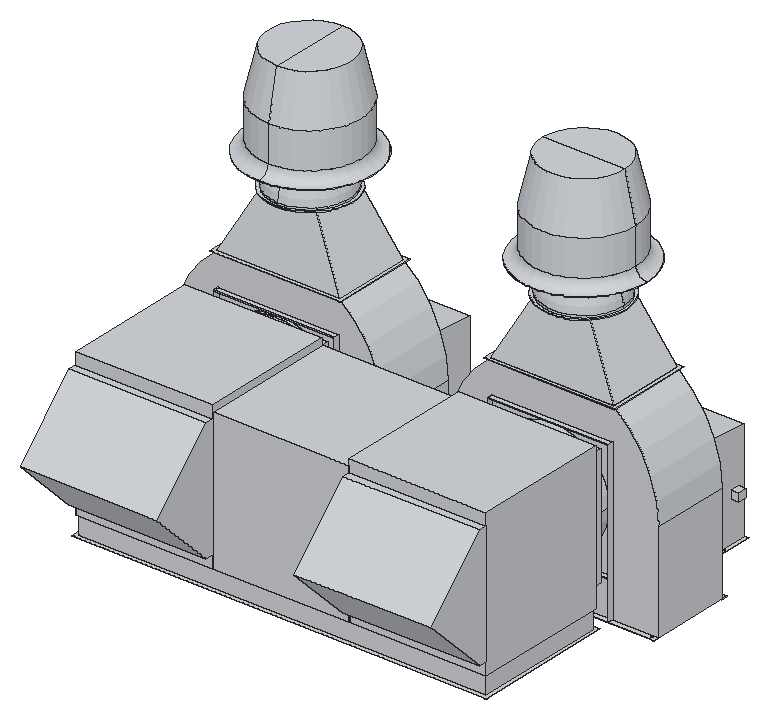
Revit family "Dual_CAVP_with_Mixing_Box", category Mechanical Equipment, Revit 2019 (continued)
Types (228): name | TRANSITION/2 | TRANSITION | RO2/2 | RO/2 | N_B_R+1.5" | MB_P+MB_P+.5 | E/52*30 | E/2-H/2 | E-N-N-H | E-(NOZZLE_RAD/3*2) | DUAL_Q-4.5" | DUAL_Q+.25" | DUAL_Q | R-((B/2)+1.5") | R+((B/2)+1.5") | R*1.1 | R | MB_P-4.5" | MB_P+.25" | P | NOZZLE_WB_RAD-2" | NOZZLE_WB_RAD | NOZZLE_WB_OD | NOZZLE_WB/4 | NOZZLE_TOP_RAD | NOZZLE_TOP_OD | NOZZLE_SIZE | NOZZLE_HEIGHT/7*2 | NOZZLE_HEIGHT | NOZZLE_BOTTOM_RAD-3*2 | NOZZLE_BOTTOM_RAD | NOZZLE_BOTTOM_ID | MB_N-(D-J-K-L) | N+(H/2) | N | MB_Q | MB_P | MB_N | MB_HEIGHT/2 | MB_HEIGHT | MB_F | MB_A | M-(2*(D-L-K-J)) | M | L | K | J+K+L | J | HEIGHT | H/2 | H | F/2 | MB_F-3" | F | E/52*15 | E/2 | E | D-M | D-L-K-J | D | CLASS | C/2 | C | B/4 | B/2 | B | A/2 | A | Type Comments | -MB_P-.25 | -MB_P | -MB_HEIGHT | -(F-((F-H)/2))/2 | -((MB_Q / 2) + 1/8") | (NOZZLE_WB_OD - NOZZLE_TOP_OD) / 4 | (NOZZLE_HEIGHT - (NOZZLE_HEIGHT / 8 * 2)) / 2 | (MB_Q/2)+.125" | (MB_P/2-.125")-((F / 2) - 2") | (MB_P/2-.125")+((F / 2) - 2") | (MB_P/2)+.125" | (M - (2 * (D - L - K - J)))/2 | (F-((F-H)/2))/2 | (E/2)-(E/52*15) | (E/2)-((MB_P/2)+.125") | (E/2)-((B/2)+1.5") | (D-J-K-L)*2 | (B/2)-.125" | (B/2)+1.5" | ((M - (2 * (D - L - K - J))) / 2) + (TRANSITION / 2)
  Dual_150_CAVP-12H_CLASS_2_With_Mixing_Box | 6.0325" | 12.06501" | 42 15/16" | 12 3/4" | 10 1/32" | 60 1/2" | 18.96635" | 6 11/16" | -53 5/16" | 10 3/4" | 85 7/8" | 90 5/8" | 90 3/8" | 10 15/16" | 33 1/16" | 24.2" | 22" | 25 1/2" | 30 1/4" | 60" | 12" | 14" | 28" | 5.6" | 9 3/4" | 19 1/2" | 12" | 8" | 32" | 2 17/32" | 8 17/32" | 17 1/16" | 13 5/32" | 69 3/4" | 60" | 30" | 30" | 14 3/16" | 17 1/2" | 35" | 7 5/8" | 97 1/16" | 11 5/8" | 13 11/16" | 15 21/32" | 15 3/8" | 37 9/32" | 6 1/4" | 36.35651" | 9 3/4" | 19 1/2" | 10 3/4" | 4 5/8" | 21 1/2" | 9.48317" | 16 7/16" | 32 7/8" | 24 5/8" | 1 1/32" | 38 5/16" | 2" | 23 3/8" | 46 3/4" | 4 25/32" | 9 9/16" | 19 1/8" | 39" | 78" | "Dual Vari-Plume Laboratory Exhaust Centrifugal Airfoil Class 2 Arr 10 With Mixing Box" | -30 1/4" | -30" | -35" | -8 3/4" | -15 1/8" | 2 1/8" | 12" | 15 1/8" | -6 1/8" | -23 5/8" | 15 1/8" | 5 13/16" | 8 3/4" | 6.95433" | 1 5/16" | 5 3/8" | 2 1/16" | 9 7/16" | 11 1/16" | 11.845"
  Dual_150_CAVP-12L_CLASS_2_With_Mixing_Box | 6.0325" | 12.06501" | 42 15/16" | 12 3/4" | 10 1/32" | 60 1/2" | 18.96635" | 6 11/16" | -53 5/16" | 10 3/4" | 85 7/8" | 90 5/8" | 90 3/8" | 10 15/16" | 33 1/16" | 24.2" | 22" | 25 1/2" | 30 1/4" | 60" | 12" | 14" | 28" | 5.6" | 9 3/4" | 19 1/2" | 12" | 8" | 32" | 2 17/32" | 8 17/32" | 17 1/16" | 13 5/32" | 69 3/4" | 60" | 30" | 30" | 14 3/16" | 17 1/2" | 35" | 7 5/8" | 97 1/16" | 11 5/8" | 13 11/16" | 15 21/32" | 15 3/8" | 37 9/32" | 6 1/4" | 36.35651" | 9 3/4" | 19 1/2" | 10 3/4" | 4 5/8" | 21 1/2" | 9.48317" | 16 7/16" | 32 7/8" | 24 5/8" | 1 1/32" | 38 5/16" | 2" | 23 3/8" | 46 3/4" | 4 25/32" | 9 9/16" | 19 1/8" | 39" | 78" | "Dual Vari-Plume Laboratory Exhaust Centrifugal Airfoil Class 2 Arr 10 With Mixing Box" | -30 1/4" | -30" | -35" | -8 3/4" | -15 1/8" | 2 1/8" | 12" | 15 1/8" | -6 1/8" | -23 5/8" | 15 1/8" | 5 13/16" | 8 3/4" | 6.95433" | 1 5/16" | 5 3/8" | 2 1/16" | 9 7/16" | 11 1/16" | 11.845"
  Dual_150_CAVP-12H_CLASS_1_With_Mixing_Box | 6.0325" | 12.06501" | 42 15/16" | 12 3/4" | 10 1/32" | 60 1/2" | 18.96635" | 6 11/16" | -53 5/16" | 10 3/4" | 85 7/8" | 90 5/8" | 90 3/8" | 10 15/16" | 33 1/16" | 24.2" | 22" | 25 1/2" | 30 1/4" | 60" | 12" | 14" | 28" | 5.6" | 9 3/4" | 19 1/2" | 12" | 8" | 32" | 2 17/32" | 8 17/32" | 17 1/16" | 13 5/32" | 69 3/4" | 60" | 30" | 30" | 14 3/16" | 17 1/2" | 35" | 7 5/8" | 94 3/16" | 11 5/8" | 13 11/16" | 15 21/32" | 12 1/4" | 34 13/32" | 6 1/2" | 36.35651" | 9 3/4" | 19 1/2" | 10 3/4" | 4 5/8" | 21 1/2" | 9.48317" | 16 7/16" | 32 7/8" | 21 3/4" | 1 1/32" | 35 7/16" | 1" | 23 3/8" | 46 3/4" | 4 25/32" | 9 9/16" | 19 1/8" | 39" | 78" | "Dual Vari-Plume Laboratory Exhaust Centrifugal Airfoil Class 1 Arr 10 With Mixing Box" | -30 1/4" | -30" | -35" | -8 3/4" | -15 1/8" | 2 1/8" | 12" | 15 1/8" | -6 1/8" | -23 5/8" | 15 1/8" | 5 13/16" | 8 3/4" | 6.95433" | 1 5/16" | 5 3/8" | 2 1/16" | 9 7/16" | 11 1/16" | 11.845"
  Dual_150_CAVP-12L_CLASS_1_With_Mixing_Box | 6.0325" | 12.06501" | 42 15/16" | 12 3/4" | 10 1/32" | 60 1/2" | 18.96635" | 6 11/16" | -53 5/16" | 10 3/4" | 85 7/8" | 90 5/8" | 90 3/8" | 10 15/16" | 33 1/16" | 24.2" | 22" | 25 1/2" | 30 1/4" | 60" | 12" | 14" | 28" | 5.6" | 9 3/4" | 19 1/2" | 12" | 8" | 32" | 2 17/32" | 8 17/32" | 17 1/16" | 13 5/32" | 69 3/4" | 60" | 30" | 30" | 14 3/16" | 17 1/2" | 35" | 7 5/8" | 94 3/16" | 11 5/8" | 13 11/16" | 15 21/32" | 12 1/4" | 34 13/32" | 6 1/2" | 36.35651" | 9 3/4" | 19 1/2" | 10 3/4" | 4 5/8" | 21 1/2" | 9.48317" | 16 7/16" | 32 7/8" | 21 3/4" | 1 1/32" | 35 7/16" | 1" | 23 3/8" | 46 3/4" | 4 25/32" | 9 9/16" | 19 1/8" | 39" | 78" | "Dual Vari-Plume Laboratory Exhaust Centrifugal Airfoil Class 1 Arr 10 With Mixing Box" | -30 1/4" | -30" | -35" | -8 3/4" | -15 1/8" | 2 1/8" | 12" | 15 1/8" | -6 1/8" | -23 5/8" | 15 1/8" | 5 13/16" | 8 3/4" | 6.95433" | 1 5/16" | 5 3/8" | 2 1/16" | 9 7/16" | 11 1/16" | 11.845"
  Dual_165_CAVP-9L_CLASS_1_With_Mixing_Box | 4.5299" | 9.05981" | 45 15/16" | 13 3/4" | 7 29/32" | 64 1/2" | 20.76923" | 5 15/16" | -54 1/16" | 13.72917" | 91 7/8" | 96 5/8" | 96 3/8" | 12 5/32" | 36 11/32" | 26.675" | 24 1/4" | 27 1/2" | 32 1/4" | 60" | 9 1/2" | 11 1/2" | 23" | 4.6" | 6 3/4" | 13 1/2" | 9" | 7" | 28" | 13/32" | 6 13/32" | 12 13/16" | 13 5/32" | 72 1/16" | 60" | 32" | 32" | 14 3/16" | 18 1/2" | 37" | 8 7/8" | 99" | 12 13/16" | 14 7/8" | 16 27/32" | 12 1/4" | 36 19/32" | 7 1/2" | 39.9712" | 12 1/16" | 24 1/8" | 13 1/16" | 5 7/8" | 26 1/8" | 10.38462" | 18" | 36" | 22 3/4" | 1 1/32" | 37 5/8" | 1" | 25 13/32" | 50 13/16" | 5 19/64" | 10 19/32" | 21 3/16" | 41 1/32" | 82 1/16" | "Dual Vari-Plume Laboratory Exhaust Centrifugal Airfoil Class 1 Arr 10 With Mixing Box" | -32 1/4" | -32" | -37" | -11 1/16" | -16 1/8" | 2 3/8" | 10 1/2" | 16 1/8" | -4 13/16" | -26 15/16" | 16 1/8" | 6 13/32" | 11 1/16" | 7.61538" | 1 7/8" | 5 29/32" | 2 1/16" | 10 15/32" | 12 3/32" | 10.93615"
  Dual_165_CAVP-9H_CLASS_1_With_Mixing_Box | 4.5299" | 9.05981" | 45 15/16" | 13 3/4" | 7 29/32" | 64 1/2" | 20.76923" | 5 15/16" | -54 1/16" | 13.72917" | 91 7/8" | 96 5/8" | 96 3/8" | 12 5/32" | 36 11/32" | 26.675" | 24 1/4" | 27 1/2" | 32 1/4" | 60" | 9 1/2" | 11 1/2" | 23" | 4.6" | 6 3/4" | 13 1/2" | 9" | 7" | 28" | 13/32" | 6 13/32" | 12 13/16" | 13 5/32" | 72 1/16" | 60" | 32" | 32" | 14 3/16" | 18 1/2" | 37" | 8 7/8" | 99" | 12 13/16" | 14 7/8" | 16 27/32" | 12 1/4" | 36 19/32" | 7 1/2" | 39.9712" | 12 1/16" | 24 1/8" | 13 1/16" | 5 7/8" | 26 1/8" | 10.38462" | 18" | 36" | 22 3/4" | 1 1/32" | 37 5/8" | 1" | 25 13/32" | 50 13/16" | 5 19/64" | 10 19/32" | 21 3/16" | 41 1/32" | 82 1/16" | "Dual Vari-Plume Laboratory Exhaust Centrifugal Airfoil Class 1 Arr 10 With Mixing Box" | -32 1/4" | -32" | -37" | -11 1/16" | -16 1/8" | 2 3/8" | 10 1/2" | 16 1/8" | -4 13/16" | -26 15/16" | 16 1/8" | 6 13/32" | 11 1/16" | 7.61538" | 1 7/8" | 5 29/32" | 2 1/16" | 10 15/32" | 12 3/32" | 10.93615"
  Dual_165_CAVP-12L_CLASS_1_With_Mixing_Box | 6.0325" | 12.06501" | 45 15/16" | 13 3/4" | 10 1/32" | 64 1/2" | 20.76923" | 5 15/16" | -54 1/16" | 12 5/16" | 91 7/8" | 96 5/8" | 96 3/8" | 12 5/32" | 36 11/32" | 26.675" | 24 1/4" | 27 1/2" | 32 1/4" | 60" | 12" | 14" | 28" | 5.6" | 9 3/4" | 19 1/2" | 12" | 8" | 32" | 2 17/32" | 8 17/32" | 17 1/16" | 13 5/32" | 72 1/16" | 60" | 32" | 32" | 14 3/16" | 18 1/2" | 37" | 8 7/8" | 99" | 12 13/16" | 14 7/8" | 16 27/32" | 12 1/4" | 36 19/32" | 7 1/2" | 39.9712" | 12 1/16" | 24 1/8" | 13 1/16" | 5 7/8" | 26 1/8" | 10.38462" | 18" | 36" | 22 3/4" | 1 1/32" | 37 5/8" | 1" | 25 13/32" | 50 13/16" | 5 19/64" | 10 19/32" | 21 3/16" | 41 1/32" | 82 1/16" | "Dual Vari-Plume Laboratory Exhaust Centrifugal Airfoil Class 1 Arr 10 With Mixing Box" | -32 1/4" | -32" | -37" | -11 1/16" | -16 1/8" | 2 1/8" | 12" | 16 1/8" | -4 13/16" | -26 15/16" | 16 1/8" | 6 13/32" | 11 1/16" | 7.61538" | 1 7/8" | 5 29/32" | 2 1/16" | 10 15/32" | 12 3/32" | 12.43875"
  Dual_165_CAVP-12H_CLASS_1_With_Mixing_Box | 6.0325" | 12.06501" | 45 15/16" | 13 3/4" | 10 1/32" | 64 1/2" | 20.76923" | 5 15/16" | -54 1/16" | 12 5/16" | 91 7/8" | 96 5/8" | 96 3/8" | 12 5/32" | 36 11/32" | 26.675" | 24 1/4" | 27 1/2" | 32 1/4" | 60" | 12" | 14" | 28" | 5.6" | 9 3/4" | 19 1/2" | 12" | 8" | 32" | 2 17/32" | 8 17/32" | 17 1/16" | 13 5/32" | 72 1/16" | 60" | 32" | 32" | 14 3/16" | 18 1/2" | 37" | 8 7/8" | 99" | 12 13/16" | 14 7/8" | 16 27/32" | 12 1/4" | 36 19/32" | 7 1/2" | 39.9712" | 12 1/16" | 24 1/8" | 13 1/16" | 5 7/8" | 26 1/8" | 10.38462" | 18" | 36" | 22 3/4" | 1 1/32" | 37 5/8" | 1" | 25 13/32" | 50 13/16" | 5 19/64" | 10 19/32" | 21 3/16" | 41 1/32" | 82 1/16" | "Dual Vari-Plume Laboratory Exhaust Centrifugal Airfoil Class 1 Arr 10 With Mixing Box" | -32 1/4" | -32" | -37" | -11 1/16" | -16 1/8" | 2 1/8" | 12" | 16 1/8" | -4 13/16" | -26 15/16" | 16 1/8" | 6 13/32" | 11 1/16" | 7.61538" | 1 7/8" | 5 29/32" | 2 1/16" | 10 15/32" | 12 3/32" | 12.43875"
  Dual_165_CAVP-9L_CLASS_2_With_Mixing_Box | 4.5299" | 9.05981" | 45 15/16" | 13 3/4" | 7 29/32" | 64 1/2" | 20.76923" | 5 15/16" | -54 1/16" | 13.72917" | 91 7/8" | 96 5/8" | 96 3/8" | 12 5/32" | 36 11/32" | 26.675" | 24 1/4" | 27 1/2" | 32 1/4" | 60" | 9 1/2" | 11 1/2" | 23" | 4.6" | 6 3/4" | 13 1/2" | 9" | 7" | 28" | 13/32" | 6 13/32" | 12 13/16" | 13 5/32" | 72 1/16" | 60" | 32" | 32" | 14 3/16" | 18 1/2" | 37" | 8 7/8" | 105 7/8" | 12 13/16" | 14 7/8" | 16 27/32" | 19 3/8" | 43 15/32" | 7 1/4" | 39.9712" | 12 1/16" | 24 1/8" | 13 1/16" | 5 7/8" | 26 1/8" | 10.38462" | 18" | 36" | 29 5/8" | 1 1/32" | 44 1/2" | 2" | 25 13/32" | 50 13/16" | 5 19/64" | 10 19/32" | 21 3/16" | 41 1/32" | 82 1/16" | "Dual Vari-Plume Laboratory Exhaust Centrifugal Airfoil Class 2 Arr 10 With Mixing Box" | -32 1/4" | -32" | -37" | -11 1/16" | -16 1/8" | 2 3/8" | 10 1/2" | 16 1/8" | -4 13/16" | -26 15/16" | 16 1/8" | 6 13/32" | 11 1/16" | 7.61538" | 1 7/8" | 5 29/32" | 2 1/16" | 10 15/32" | 12 3/32" | 10.93615"
  Dual_165_CAVP-9H_CLASS_2_With_Mixing_Box | 4.5299" | 9.05981" | 45 15/16" | 13 3/4" | 7 29/32" | 64 1/2" | 20.76923" | 5 15/16" | -54 1/16" | 13.72917" | 91 7/8" | 96 5/8" | 96 3/8" | 12 5/32" | 36 11/32" | 26.675" | 24 1/4" | 27 1/2" | 32 1/4" | 60" | 9 1/2" | 11 1/2" | 23" | 4.6" | 6 3/4" | 13 1/2" | 9" | 7" | 28" | 13/32" | 6 13/32" | 12 13/16" | 13 5/32" | 72 1/16" | 60" | 32" | 32" | 14 3/16" | 18 1/2" | 37" | 8 7/8" | 105 7/8" | 12 13/16" | 14 7/8" | 16 27/32" | 19 3/8" | 43 15/32" | 7 1/4" | 39.9712" | 12 1/16" | 24 1/8" | 13 1/16" | 5 7/8" | 26 1/8" | 10.38462" | 18" | 36" | 29 5/8" | 1 1/32" | 44 1/2" | 2" | 25 13/32" | 50 13/16" | 5 19/64" | 10 19/32" | 21 3/16" | 41 1/32" | 82 1/16" | "Dual Vari-Plume Laboratory Exhaust Centrifugal Airfoil Class 2 Arr 10 With Mixing Box" | -32 1/4" | -32" | -37" | -11 1/16" | -16 1/8" | 2 3/8" | 10 1/2" | 16 1/8" | -4 13/16" | -26 15/16" | 16 1/8" | 6 13/32" | 11 1/16" | 7.61538" | 1 7/8" | 5 29/32" | 2 1/16" | 10 15/32" | 12 3/32" | 10.93615"
  Dual_165_CAVP-12L_CLASS_2_With_Mixing_Box | 6.0325" | 12.06501" | 45 15/16" | 13 3/4" | 10 1/32" | 64 1/2" | 20.76923" | 5 15/16" | -54 1/16" | 12 5/16" | 91 7/8" | 96 5/8" | 96 3/8" | 12 5/32" | 36 11/32" | 26.675" | 24 1/4" | 27 1/2" | 32 1/4" | 60" | 12" | 14" | 28" | 5.6" | 9 3/4" | 19 1/2" | 12" | 8" | 32" | 2 17/32" | 8 17/32" | 17 1/16" | 13 5/32" | 72 1/16" | 60" | 32" | 32" | 14 3/16" | 18 1/2" | 37" | 8 7/8" | 105 7/8" | 12 13/16" | 14 7/8" | 16 27/32" | 19 3/8" | 43 15/32" | 7 1/4" | 39.9712" | 12 1/16" | 24 1/8" | 13 1/16" | 5 7/8" | 26 1/8" | 10.38462" | 18" | 36" | 29 5/8" | 1 1/32" | 44 1/2" | 2" | 25 13/32" | 50 13/16" | 5 19/64" | 10 19/32" | 21 3/16" | 41 1/32" | 82 1/16" | "Dual Vari-Plume Laboratory Exhaust Centrifugal Airfoil Class 2 Arr 10 With Mixing Box" | -32 1/4" | -32" | -37" | -11 1/16" | -16 1/8" | 2 1/8" | 12" | 16 1/8" | -4 13/16" | -26 15/16" | 16 1/8" | 6 13/32" | 11 1/16" | 7.61538" | 1 7/8" | 5 29/32" | 2 1/16" | 10 15/32" | 12 3/32" | 12.43875"
  Dual_165_CAVP-12H_CLASS_2_With_Mixing_Box | 6.0325" | 12.06501" | 45 15/16" | 13 3/4" | 10 1/32" | 64 1/2" | 20.76923" | 5 15/16" | -54 1/16" | 12 5/16" | 91 7/8" | 96 5/8" | 96 3/8" | 12 5/32" | 36 11/32" | 26.675" | 24 1/4" | 27 1/2" | 32 1/4" | 60" | 12" | 14" | 28" | 5.6" | 9 3/4" | 19 1/2" | 12" | 8" | 32" | 2 17/32" | 8 17/32" | 17 1/16" | 13 5/32" | 72 1/16" | 60" | 32" | 32" | 14 3/16" | 18 1/2" | 37" | 8 7/8" | 105 7/8" | 12 13/16" | 14 7/8" | 16 27/32" | 19 3/8" | 43 15/32" | 7 1/4" | 39.9712" | 12 1/16" | 24 1/8" | 13 1/16" | 5 7/8" | 26 1/8" | 10.38462" | 18" | 36" | 29 5/8" | 1 1/32" | 44 1/2" | 2" | 25 13/32" | 50 13/16" | 5 19/64" | 10 19/32" | 21 3/16" | 41 1/32" | 82 1/16" | "Dual Vari-Plume Laboratory Exhaust Centrifugal Airfoil Class 2 Arr 10 With Mixing Box" | -32 1/4" | -32" | -37" | -11 1/16" | -16 1/8" | 2 1/8" | 12" | 16 1/8" | -4 13/16" | -26 15/16" | 16 1/8" | 6 13/32" | 11 1/16" | 7.61538" | 1 7/8" | 5 29/32" | 2 1/16" | 10 15/32" | 12 3/32" | 12.43875"
  Dual_180_CAVP-9H_CLASS_1_With_Mixing_Box | 4.5299" | 9.05981" | 48 15/16" | 14 3/4" | 7 29/32" | 68 1/2" | 22.53606" | 7 15/32" | -52 17/32" | 15.26042" | 97 7/8" | 102 5/8" | 102 3/8" | 11 13/32" | 37 3/32" | 26.675" | 24 1/4" | 29 1/2" | 34 1/4" | 60" | 9 1/2" | 11 1/2" | 23" | 4.6" | 6 3/4" | 13 1/2" | 9" | 7" | 28" | 13/32" | 6 13/32" | 12 13/16" | 13 5/32" | 72 1/16" | 60" | 34" | 34" | 14 3/16" | 19 1/4" | 38 1/2" | 8 1/8" | 106 5/8" | 13 15/16" | 16" | 17 31/32" | 15 1/8" | 41 3/32" | 8" | 41 79/256" | 12 1/16" | 24 1/8" | 13 1/16" | 5 1/8" | 26 1/8" | 11.26803" | 19 17/32" | 39 1/16" | 26 1/8" | 1 1/32" | 42 1/8" | 1" | 26 13/32" | 52 13/16" | 5 43/64" | 11 11/32" | 22 11/16" | 42 1/32" | 84 1/16" | "Dual Vari-Plume Laboratory Exhaust Centrifugal Airfoil Class 1 Arr 10 With Mixing Box" | -34 1/4" | -34" | -38 1/2" | -11 1/16" | -17 1/8" | 2 3/8" | 10 1/2" | 17 1/8" | -5 13/16" | -27 15/16" | 17 1/8" | 6 31/32" | 11 1/16" | 8.26322" | 2 13/32" | 6 11/16" | 2 1/16" | 11 7/32" | 12 27/32" | 11.49865"
  Dual_180_CAVP-9L_CLASS_1_With_Mixing_Box | 4.5299" | 9.05981" | 48 15/16" | 14 3/4" | 7 29/32" | 68 1/2" | 22.53606" | 7 15/32" | -52 17/32" | 15.26042" | 97 7/8" | 102 5/8" | 102 3/8" | 11 13/32" | 37 3/32" | 26.675" | 24 1/4" | 29 1/2" | 34 1/4" | 60" | 9 1/2" | 11 1/2" | 23" | 4.6" | 6 3/4" | 13 1/2" | 9" | 7" | 28" | 13/32" | 6 13/32" | 12 13/16" | 13 5/32" | 72 1/16" | 60" | 34" | 34" | 14 3/16" | 19 1/4" | 38 1/2" | 8 1/8" | 106 5/8" | 13 15/16" | 16" | 17 31/32" | 15 1/8" | 41 3/32" | 8" | 41 79/256" | 12 1/16" | 24 1/8" | 13 1/16" | 5 1/8" | 26 1/8" | 11.26803" | 19 17/32" | 39 1/16" | 26 1/8" | 1 1/32" | 42 1/8" | 1" | 26 13/32" | 52 13/16" | 5 43/64" | 11 11/32" | 22 11/16" | 42 1/32" | 84 1/16" | "Dual Vari-Plume Laboratory Exhaust Centrifugal Airfoil Class 1 Arr 10 With Mixing Box" | -34 1/4" | -34" | -38 1/2" | -11 1/16" | -17 1/8" | 2 3/8" | 10 1/2" | 17 1/8" | -5 13/16" | -27 15/16" | 17 1/8" | 6 31/32" | 11 1/16" | 8.26322" | 2 13/32" | 6 11/16" | 2 1/16" | 11 7/32" | 12 27/32" | 11.49865"
  Dual_180_CAVP-12H_CLASS_1_With_Mixing_Box | 6.0325" | 12.06501" | 48 15/16" | 14 3/4" | 10 1/32" | 68 1/2" | 22.53606" | 7 15/32" | -52 17/32" | 13 27/32" | 97 7/8" | 102 5/8" | 102 3/8" | 11 13/32" | 37 3/32" | 26.675" | 24 1/4" | 29 1/2" | 34 1/4" | 60" | 12" | 14" | 28" | 5.6" | 9 3/4" | 19 1/2" | 12" | 8" | 32" | 2 17/32" | 8 17/32" | 17 1/16" | 13 5/32" | 72 1/16" | 60" | 34" | 34" | 14 3/16" | 19 1/4" | 38 1/2" | 8 1/8" | 106 5/8" | 13 15/16" | 16" | 17 31/32" | 15 1/8" | 41 3/32" | 8" | 41 79/256" | 12 1/16" | 24 1/8" | 13 1/16" | 5 1/8" | 26 1/8" | 11.26803" | 19 17/32" | 39 1/16" | 26 1/8" | 1 1/32" | 42 1/8" | 1" | 26 13/32" | 52 13/16" | 5 43/64" | 11 11/32" | 22 11/16" | 42 1/32" | 84 1/16" | "Dual Vari-Plume Laboratory Exhaust Centrifugal Airfoil Class 1 Arr 10 With Mixing Box" | -34 1/4" | -34" | -38 1/2" | -11 1/16" | -17 1/8" | 2 1/8" | 12" | 17 1/8" | -5 13/16" | -27 15/16" | 17 1/8" | 6 31/32" | 11 1/16" | 8.26322" | 2 13/32" | 6 11/16" | 2 1/16" | 11 7/32" | 12 27/32" | 13.00125"
  Dual_180_CAVP-12L_CLASS_1_With_Mixing_Box | 6.0325" | 12.06501" | 48 15/16" | 14 3/4" | 10 1/32" | 68 1/2" | 22.53606" | 7 15/32" | -52 17/32" | 13 27/32" | 97 7/8" | 102 5/8" | 102 3/8" | 11 13/32" | 37 3/32" | 26.675" | 24 1/4" | 29 1/2" | 34 1/4" | 60" | 12" | 14" | 28" | 5.6" | 9 3/4" | 19 1/2" | 12" | 8" | 32" | 2 17/32" | 8 17/32" | 17 1/16" | 13 5/32" | 72 1/16" | 60" | 34" | 34" | 14 3/16" | 19 1/4" | 38 1/2" | 8 1/8" | 106 5/8" | 13 15/16" | 16" | 17 31/32" | 15 1/8" | 41 3/32" | 8" | 41 79/256" | 12 1/16" | 24 1/8" | 13 1/16" | 5 1/8" | 26 1/8" | 11.26803" | 19 17/32" | 39 1/16" | 26 1/8" | 1 1/32" | 42 1/8" | 1" | 26 13/32" | 52 13/16" | 5 43/64" | 11 11/32" | 22 11/16" | 42 1/32" | 84 1/16" | "Dual Vari-Plume Laboratory Exhaust Centrifugal Airfoil Class 1 Arr 10 With Mixing Box" | -34 1/4" | -34" | -38 1/2" | -11 1/16" | -17 1/8" | 2 1/8" | 12" | 17 1/8" | -5 13/16" | -27 15/16" | 17 1/8" | 6 31/32" | 11 1/16" | 8.26322" | 2 13/32" | 6 11/16" | 2 1/16" | 11 7/32" | 12 27/32" | 13.00125"
  Dual_180_CAVP-9H_CLASS_2_With_Mixing_Box | 4.5299" | 9.05981" | 48 15/16" | 14 3/4" | 7 29/32" | 68 1/2" | 22.53606" | 7 15/32" | -52 17/32" | 15.26042" | 97 7/8" | 102 5/8" | 102 3/8" | 11 13/32" | 37 3/32" | 26.675" | 24 1/4" | 29 1/2" | 34 1/4" | 60" | 9 1/2" | 11 1/2" | 23" | 4.6" | 6 3/4" | 13 1/2" | 9" | 7" | 28" | 13/32" | 6 13/32" | 12 13/16" | 13 5/32" | 72 1/16" | 60" | 34" | 34" | 14 3/16" | 19 1/4" | 38 1/2" | 8 1/8" | 110 5/8" | 13 15/16" | 16" | 17 31/32" | 19 3/8" | 45 3/32" | 7 3/4" | 41 79/256" | 12 1/16" | 24 1/8" | 13 1/16" | 5 1/8" | 26 1/8" | 11.26803" | 19 17/32" | 39 1/16" | 30 1/8" | 1 1/32" | 46 1/8" | 2" | 26 13/32" | 52 13/16" | 5 43/64" | 11 11/32" | 22 11/16" | 42 1/32" | 84 1/16" | "Dual Vari-Plume Laboratory Exhaust Centrifugal Airfoil Class 2 Arr 10 With Mixing Box" | -34 1/4" | -34" | -38 1/2" | -11 1/16" | -17 1/8" | 2 3/8" | 10 1/2" | 17 1/8" | -5 13/16" | -27 15/16" | 17 1/8" | 6 31/32" | 11 1/16" | 8.26322" | 2 13/32" | 6 11/16" | 2 1/16" | 11 7/32" | 12 27/32" | 11.49865"
  Dual_180_CAVP-9L_CLASS_2_With_Mixing_Box | 4.5299" | 9.05981" | 48 15/16" | 14 3/4" | 7 29/32" | 68 1/2" | 22.53606" | 7 15/32" | -52 17/32" | 15.26042" | 97 7/8" | 102 5/8" | 102 3/8" | 11 13/32" | 37 3/32" | 26.675" | 24 1/4" | 29 1/2" | 34 1/4" | 60" | 9 1/2" | 11 1/2" | 23" | 4.6" | 6 3/4" | 13 1/2" | 9" | 7" | 28" | 13/32" | 6 13/32" | 12 13/16" | 13 5/32" | 72 1/16" | 60" | 34" | 34" | 14 3/16" | 19 1/4" | 38 1/2" | 8 1/8" | 110 5/8" | 13 15/16" | 16" | 17 31/32" | 19 3/8" | 45 3/32" | 7 3/4" | 41 79/256" | 12 1/16" | 24 1/8" | 13 1/16" | 5 1/8" | 26 1/8" | 11.26803" | 19 17/32" | 39 1/16" | 30 1/8" | 1 1/32" | 46 1/8" | 2" | 26 13/32" | 52 13/16" | 5 43/64" | 11 11/32" | 22 11/16" | 42 1/32" | 84 1/16" | "Dual Vari-Plume Laboratory Exhaust Centrifugal Airfoil Class 2 Arr 10 With Mixing Box" | -34 1/4" | -34" | -38 1/2" | -11 1/16" | -17 1/8" | 2 3/8" | 10 1/2" | 17 1/8" | -5 13/16" | -27 15/16" | 17 1/8" | 6 31/32" | 11 1/16" | 8.26322" | 2 13/32" | 6 11/16" | 2 1/16" | 11 7/32" | 12 27/32" | 11.49865"
  Dual_180_CAVP-12H_CLASS_2_With_Mixing_Box | 6.0325" | 12.06501" | 48 15/16" | 14 3/4" | 10 1/32" | 68 1/2" | 22.53606" | 7 15/32" | -52 17/32" | 13 27/32" | 97 7/8" | 102 5/8" | 102 3/8" | 11 13/32" | 37 3/32" | 26.675" | 24 1/4" | 29 1/2" | 34 1/4" | 60" | 12" | 14" | 28" | 5.6" | 9 3/4" | 19 1/2" | 12" | 8" | 32" | 2 17/32" | 8 17/32" | 17 1/16" | 13 5/32" | 72 1/16" | 60" | 34" | 34" | 14 3/16" | 19 1/4" | 38 1/2" | 8 1/8" | 110 5/8" | 13 15/16" | 16" | 17 31/32" | 19 3/8" | 45 3/32" | 7 3/4" | 41 79/256" | 12 1/16" | 24 1/8" | 13 1/16" | 5 1/8" | 26 1/8" | 11.26803" | 19 17/32" | 39 1/16" | 30 1/8" | 1 1/32" | 46 1/8" | 2" | 26 13/32" | 52 13/16" | 5 43/64" | 11 11/32" | 22 11/16" | 42 1/32" | 84 1/16" | "Dual Vari-Plume Laboratory Exhaust Centrifugal Airfoil Class 2 Arr 10 With Mixing Box" | -34 1/4" | -34" | -38 1/2" | -11 1/16" | -17 1/8" | 2 1/8" | 12" | 17 1/8" | -5 13/16" | -27 15/16" | 17 1/8" | 6 31/32" | 11 1/16" | 8.26322" | 2 13/32" | 6 11/16" | 2 1/16" | 11 7/32" | 12 27/32" | 13.00125"
  Dual_180_CAVP-12L_CLASS_2_With_Mixing_Box | 6.0325" | 12.06501" | 48 15/16" | 14 3/4" | 10 1/32" | 68 1/2" | 22.53606" | 7 15/32" | -52 17/32" | 13 27/32" | 97 7/8" | 102 5/8" | 102 3/8" | 11 13/32" | 37 3/32" | 26.675" | 24 1/4" | 29 1/2" | 34 1/4" | 60" | 12" | 14" | 28" | 5.6" | 9 3/4" | 19 1/2" | 12" | 8" | 32" | 2 17/32" | 8 17/32" | 17 1/16" | 13 5/32" | 72 1/16" | 60" | 34" | 34" | 14 3/16" | 19 1/4" | 38 1/2" | 8 1/8" | 110 5/8" | 13 15/16" | 16" | 17 31/32" | 19 3/8" | 45 3/32" | 7 3/4" | 41 79/256" | 12 1/16" | 24 1/8" | 13 1/16" | 5 1/8" | 26 1/8" | 11.26803" | 19 17/32" | 39 1/16" | 30 1/8" | 1 1/32" | 46 1/8" | 2" | 26 13/32" | 52 13/16" | 5 43/64" | 11 11/32" | 22 11/16" | 42 1/32" | 84 1/16" | "Dual Vari-Plume Laboratory Exhaust Centrifugal Airfoil Class 2 Arr 10 With Mixing Box" | -34 1/4" | -34" | -38 1/2" | -11 1/16" | -17 1/8" | 2 1/8" | 12" | 17 1/8" | -5 13/16" | -27 15/16" | 17 1/8" | 6 31/32" | 11 1/16" | 8.26322" | 2 13/32" | 6 11/16" | 2 1/16" | 11 7/32" | 12 27/32" | 13.00125"
  Dual_195_CAVP-9L_CLASS_1_With_Mixing_Box | 4.5299" | 9.05981" | 50 7/16" | 15 1/4" | 7 29/32" | 70 1/2" | 24.33894" | 8 11/32" | 2" | 16.82292" | 100 7/8" | 105 5/8" | 105 3/8" | 10 21/32" | 37 27/32" | 26.675" | 24 1/4" | 30 1/2" | 35 1/4" | 60" | 9 1/2" | 11 1/2" | 23" | 4.6" | 6 3/4" | 13 1/2" | 9" | 7" | 28" | 13/32" | 6 13/32" | 12 13/16" | 13 3/16" | 19 3/32" | 6 11/32" | 35" | 35" | 14 3/16" | 20" | 40" | 7 3/8" | 110" | 15 3/16" | 17 3/16" | 19 3/16" | 15 1/8" | 42 5/16" | 8" | 42.67328" | 12 3/4" | 25 1/2" | 13 3/4" | 4 3/8" | 27 1/2" | 12.16947" | 21 3/32" | 42 3/16" | 26 1/8" | 1" | 43 5/16" | 1" | 27 1/8" | 54 1/4" | 6 3/64" | 12 3/32" | 24 3/16" | 48 3/8" | 96 3/4" | "Dual Vari-Plume Laboratory Exhaust Centrifugal Airfoil Class 1 Arr 10 With Mixing Box" | -35 1/4" | -35" | -40" | -11 3/4" | -17 5/8" | 2 3/8" | 10 1/2" | 17 5/8" | -5 5/8" | -29 1/8" | 17 5/8" | 7 19/32" | 11 3/4" | 8.92428" | 3 15/32" | 7 1/2" | 2" | 11 31/32" | 13 19/32" | 12.12365"
  Dual_195_CAVP-9H_CLASS_1_With_Mixing_Box | 4.5299" | 9.05981" | 50 7/16" | 15 1/4" | 7 29/32" | 70 1/2" | 24.33894" | 8 11/32" | 2" | 16.82292" | 100 7/8" | 105 5/8" | 105 3/8" | 10 21/32" | 37 27/32" | 26.675" | 24 1/4" | 30 1/2" | 35 1/4" | 60" | 9 1/2" | 11 1/2" | 23" | 4.6" | 6 3/4" | 13 1/2" | 9" | 7" | 28" | 13/32" | 6 13/32" | 12 13/16" | 13 3/16" | 19 3/32" | 6 11/32" | 35" | 35" | 14 3/16" | 20" | 40" | 7 3/8" | 110" | 15 3/16" | 17 3/16" | 19 3/16" | 15 1/8" | 42 5/16" | 8" | 42.67328" | 12 3/4" | 25 1/2" | 13 3/4" | 4 3/8" | 27 1/2" | 12.16947" | 21 3/32" | 42 3/16" | 26 1/8" | 1" | 43 5/16" | 1" | 27 1/8" | 54 1/4" | 6 3/64" | 12 3/32" | 24 3/16" | 48 3/8" | 96 3/4" | "Dual Vari-Plume Laboratory Exhaust Centrifugal Airfoil Class 1 Arr 10 With Mixing Box" | -35 1/4" | -35" | -40" | -11 3/4" | -17 5/8" | 2 3/8" | 10 1/2" | 17 5/8" | -5 5/8" | -29 1/8" | 17 5/8" | 7 19/32" | 11 3/4" | 8.92428" | 3 15/32" | 7 1/2" | 2" | 11 31/32" | 13 19/32" | 12.12365"
  Dual_195_CAVP-12L_CLASS_1_With_Mixing_Box | 6.0325" | 12.06501" | 50 7/16" | 15 1/4" | 10 1/32" | 70 1/2" | 24.33894" | 8 11/32" | 2" | 15 13/32" | 100 7/8" | 105 5/8" | 105 3/8" | 10 21/32" | 37 27/32" | 26.675" | 24 1/4" | 30 1/2" | 35 1/4" | 60" | 12" | 14" | 28" | 5.6" | 9 3/4" | 19 1/2" | 12" | 8" | 32" | 2 17/32" | 8 17/32" | 17 1/16" | 13 3/16" | 19 3/32" | 6 11/32" | 35" | 35" | 14 3/16" | 20" | 40" | 7 3/8" | 110" | 15 3/16" | 17 3/16" | 19 3/16" | 15 1/8" | 42 5/16" | 8" | 42.67328" | 12 3/4" | 25 1/2" | 13 3/4" | 4 3/8" | 27 1/2" | 12.16947" | 21 3/32" | 42 3/16" | 26 1/8" | 1" | 43 5/16" | 1" | 27 1/8" | 54 1/4" | 6 3/64" | 12 3/32" | 24 3/16" | 48 3/8" | 96 3/4" | "Dual Vari-Plume Laboratory Exhaust Centrifugal Airfoil Class 1 Arr 10 With Mixing Box" | -35 1/4" | -35" | -40" | -11 3/4" | -17 5/8" | 2 1/8" | 12" | 17 5/8" | -5 5/8" | -29 1/8" | 17 5/8" | 7 19/32" | 11 3/4" | 8.92428" | 3 15/32" | 7 1/2" | 2" | 11 31/32" | 13 19/32" | 13.62625"
  Dual_195_CAVP-12H_CLASS_1_With_Mixing_Box | 6.0325" | 12.06501" | 50 7/16" | 15 1/4" | 10 1/32" | 70 1/2" | 24.33894" | 8 11/32" | 2" | 15 13/32" | 100 7/8" | 105 5/8" | 105 3/8" | 10 21/32" | 37 27/32" | 26.675" | 24 1/4" | 30 1/2" | 35 1/4" | 60" | 12" | 14" | 28" | 5.6" | 9 3/4" | 19 1/2" | 12" | 8" | 32" | 2 17/32" | 8 17/32" | 17 1/16" | 13 3/16" | 19 3/32" | 6 11/32" | 35" | 35" | 14 3/16" | 20" | 40" | 7 3/8" | 110" | 15 3/16" | 17 3/16" | 19 3/16" | 15 1/8" | 42 5/16" | 8" | 42.67328" | 12 3/4" | 25 1/2" | 13 3/4" | 4 3/8" | 27 1/2" | 12.16947" | 21 3/32" | 42 3/16" | 26 1/8" | 1" | 43 5/16" | 1" | 27 1/8" | 54 1/4" | 6 3/64" | 12 3/32" | 24 3/16" | 48 3/8" | 96 3/4" | "Dual Vari-Plume Laboratory Exhaust Centrifugal Airfoil Class 1 Arr 10 With Mixing Box" | -35 1/4" | -35" | -40" | -11 3/4" | -17 5/8" | 2 1/8" | 12" | 17 5/8" | -5 5/8" | -29 1/8" | 17 5/8" | 7 19/32" | 11 3/4" | 8.92428" | 3 15/32" | 7 1/2" | 2" | 11 31/32" | 13 19/32" | 13.62625"
  Dual_195_CAVP-15L_CLASS_1_With_Mixing_Box | 7.5572" | 15.11441" | 50 7/16" | 15 1/4" | 12 3/16" | 70 1/2" | 24.33894" | 8 11/32" | 2" | 13 31/32" | 100 7/8" | 105 5/8" | 105 3/8" | 10 21/32" | 37 27/32" | 26.675" | 24 1/4" | 30 1/2" | 35 1/4" | 60" | 16" | 18" | 36" | 7.2" | 11 1/2" | 23" | 15" | 10 3/4" | 43" | 4 11/16" | 10 11/16" | 21 3/8" | 13 3/16" | 19 3/32" | 6 11/32" | 35" | 35" | 14 3/16" | 20" | 40" | 7 3/8" | 110" | 15 3/16" | 17 3/16" | 19 3/16" | 15 1/8" | 42 5/16" | 8" | 42.67328" | 12 3/4" | 25 1/2" | 13 3/4" | 4 3/8" | 27 1/2" | 12.16947" | 21 3/32" | 42 3/16" | 26 1/8" | 1" | 43 5/16" | 1" | 27 1/8" | 54 1/4" | 6 3/64" | 12 3/32" | 24 3/16" | 48 3/8" | 96 3/4" | "Dual Vari-Plume Laboratory Exhaust Centrifugal Airfoil Class 1 Arr 10 With Mixing Box" | -35 1/4" | -35" | -40" | -11 3/4" | -17 5/8" | 3 1/4" | 16 1/8" | 17 5/8" | -5 5/8" | -29 1/8" | 17 5/8" | 7 19/32" | 11 3/4" | 8.92428" | 3 15/32" | 7 1/2" | 2" | 11 31/32" | 13 19/32" | 15.15095"
  Dual_195_CAVP-15H_CLASS_1_With_Mixing_Box | 7.5572" | 15.11441" | 50 7/16" | 15 1/4" | 12 3/16" | 70 1/2" | 24.33894" | 8 11/32" | 2" | 13 31/32" | 100 7/8" | 105 5/8" | 105 3/8" | 10 21/32" | 37 27/32" | 26.675" | 24 1/4" | 30 1/2" | 35 1/4" | 60" | 16" | 18" | 36" | 7.2" | 11 1/2" | 23" | 15" | 10 3/4" | 43" | 4 11/16" | 10 11/16" | 21 3/8" | 13 3/16" | 19 3/32" | 6 11/32" | 35" | 35" | 14 3/16" | 20" | 40" | 7 3/8" | 110" | 15 3/16" | 17 3/16" | 19 3/16" | 15 1/8" | 42 5/16" | 8" | 42.67328" | 12 3/4" | 25 1/2" | 13 3/4" | 4 3/8" | 27 1/2" | 12.16947" | 21 3/32" | 42 3/16" | 26 1/8" | 1" | 43 5/16" | 1" | 27 1/8" | 54 1/4" | 6 3/64" | 12 3/32" | 24 3/16" | 48 3/8" | 96 3/4" | "Dual Vari-Plume Laboratory Exhaust Centrifugal Airfoil Class 1 Arr 10 With Mixing Box" | -35 1/4" | -35" | -40" | -11 3/4" | -17 5/8" | 3 1/4" | 16 1/8" | 17 5/8" | -5 5/8" | -29 1/8" | 17 5/8" | 7 19/32" | 11 3/4" | 8.92428" | 3 15/32" | 7 1/2" | 2" | 11 31/32" | 13 19/32" | 15.15095"
  Dual_195_CAVP-9L_CLASS_2_With_Mixing_Box | 4.5299" | 9.05981" | 50 7/16" | 15 1/4" | 7 29/32" | 70 1/2" | 24.33894" | 8 11/32" | 1 27/32" | 16.82292" | 100 7/8" | 105 5/8" | 105 3/8" | 10 21/32" | 37 27/32" | 26.675" | 24 1/4" | 30 1/2" | 35 1/4" | 60" | 9 1/2" | 11 1/2" | 23" | 4.6" | 6 3/4" | 13 1/2" | 9" | 7" | 28" | 13/32" | 6 13/32" | 12 13/16" | 13 3/16" | 19 1/4" | 6 1/2" | 35" | 35" | 14 3/16" | 20" | 40" | 7 3/8" | 114" | 15 3/16" | 17 3/16" | 19 3/16" | 19 3/8" | 46 5/16" | 7 3/4" | 42.67328" | 12 3/4" | 25 1/2" | 13 3/4" | 4 3/8" | 27 1/2" | 12.16947" | 21 3/32" | 42 3/16" | 30 1/8" | 1" | 47 5/16" | 2" | 27 1/8" | 54 1/4" | 6 3/64" | 12 3/32" | 24 3/16" | 48 3/8" | 96 3/4" | "Dual Vari-Plume Laboratory Exhaust Centrifugal Airfoil Class 2 Arr 10 With Mixing Box" | -35 1/4" | -35" | -40" | -11 3/4" | -17 5/8" | 2 3/8" | 10 1/2" | 17 5/8" | -5 5/8" | -29 1/8" | 17 5/8" | 7 19/32" | 11 3/4" | 8.92428" | 3 15/32" | 7 1/2" | 2" | 11 31/32" | 13 19/32" | 12.12365"
  Dual_195_CAVP-9H_CLASS_2_With_Mixing_Box | 4.5299" | 9.05981" | 50 7/16" | 15 1/4" | 7 29/32" | 70 1/2" | 24.33894" | 8 11/32" | 1 27/32" | 16.82292" | 100 7/8" | 105 5/8" | 105 3/8" | 10 21/32" | 37 27/32" | 26.675" | 24 1/4" | 30 1/2" | 35 1/4" | 60" | 9 1/2" | 11 1/2" | 23" | 4.6" | 6 3/4" | 13 1/2" | 9" | 7" | 28" | 13/32" | 6 13/32" | 12 13/16" | 13 3/16" | 19 1/4" | 6 1/2" | 35" | 35" | 14 3/16" | 20" | 40" | 7 3/8" | 114" | 15 3/16" | 17 3/16" | 19 3/16" | 19 3/8" | 46 5/16" | 7 3/4" | 42.67328" | 12 3/4" | 25 1/2" | 13 3/4" | 4 3/8" | 27 1/2" | 12.16947" | 21 3/32" | 42 3/16" | 30 1/8" | 1" | 47 5/16" | 2" | 27 1/8" | 54 1/4" | 6 3/64" | 12 3/32" | 24 3/16" | 48 3/8" | 96 3/4" | "Dual Vari-Plume Laboratory Exhaust Centrifugal Airfoil Class 2 Arr 10 With Mixing Box" | -35 1/4" | -35" | -40" | -11 3/4" | -17 5/8" | 2 3/8" | 10 1/2" | 17 5/8" | -5 5/8" | -29 1/8" | 17 5/8" | 7 19/32" | 11 3/4" | 8.92428" | 3 15/32" | 7 1/2" | 2" | 11 31/32" | 13 19/32" | 12.12365"
  Dual_195_CAVP-12L_CLASS_2_With_Mixing_Box | 6.0325" | 12.06501" | 50 7/16" | 15 1/4" | 10 1/32" | 70 1/2" | 24.33894" | 8 11/32" | 1 27/32" | 15 13/32" | 100 7/8" | 105 5/8" | 105 3/8" | 10 21/32" | 37 27/32" | 26.675" | 24 1/4" | 30 1/2" | 35 1/4" | 60" | 12" | 14" | 28" | 5.6" | 9 3/4" | 19 1/2" | 12" | 8" | 32" | 2 17/32" | 8 17/32" | 17 1/16" | 13 3/16" | 19 1/4" | 6 1/2" | 35" | 35" | 14 3/16" | 20" | 40" | 7 3/8" | 114" | 15 3/16" | 17 3/16" | 19 3/16" | 19 3/8" | 46 5/16" | 7 3/4" | 42.67328" | 12 3/4" | 25 1/2" | 13 3/4" | 4 3/8" | 27 1/2" | 12.16947" | 21 3/32" | 42 3/16" | 30 1/8" | 1" | 47 5/16" | 2" | 27 1/8" | 54 1/4" | 6 3/64" | 12 3/32" | 24 3/16" | 48 3/8" | 96 3/4" | "Dual Vari-Plume Laboratory Exhaust Centrifugal Airfoil Class 2 Arr 10 With Mixing Box" | -35 1/4" | -35" | -40" | -11 3/4" | -17 5/8" | 2 1/8" | 12" | 17 5/8" | -5 5/8" | -29 1/8" | 17 5/8" | 7 19/32" | 11 3/4" | 8.92428" | 3 15/32" | 7 1/2" | 2" | 11 31/32" | 13 19/32" | 13.62625"
  Dual_195_CAVP-12H_CLASS_2_With_Mixing_Box | 6.0325" | 12.06501" | 50 7/16" | 15 1/4" | 10 1/32" | 70 1/2" | 24.33894" | 8 11/32" | 1 27/32" | 15 13/32" | 100 7/8" | 105 5/8" | 105 3/8" | 10 21/32" | 37 27/32" | 26.675" | 24 1/4" | 30 1/2" | 35 1/4" | 60" | 12" | 14" | 28" | 5.6" | 9 3/4" | 19 1/2" | 12" | 8" | 32" | 2 17/32" | 8 17/32" | 17 1/16" | 13 3/16" | 19 1/4" | 6 1/2" | 35" | 35" | 14 3/16" | 20" | 40" | 7 3/8" | 114" | 15 3/16" | 17 3/16" | 19 3/16" | 19 3/8" | 46 5/16" | 7 3/4" | 42.67328" | 12 3/4" | 25 1/2" | 13 3/4" | 4 3/8" | 27 1/2" | 12.16947" | 21 3/32" | 42 3/16" | 30 1/8" | 1" | 47 5/16" | 2" | 27 1/8" | 54 1/4" | 6 3/64" | 12 3/32" | 24 3/16" | 48 3/8" | 96 3/4" | "Dual Vari-Plume Laboratory Exhaust Centrifugal Airfoil Class 2 Arr 10 With Mixing Box" | -35 1/4" | -35" | -40" | -11 3/4" | -17 5/8" | 2 1/8" | 12" | 17 5/8" | -5 5/8" | -29 1/8" | 17 5/8" | 7 19/32" | 11 3/4" | 8.92428" | 3 15/32" | 7 1/2" | 2" | 11 31/32" | 13 19/32" | 13.62625"
  Dual_195_CAVP-15L_CLASS_2_With_Mixing_Box | 7.5572" | 15.11441" | 50 7/16" | 15 1/4" | 12 3/16" | 70 1/2" | 24.33894" | 8 11/32" | 1 27/32" | 13 31/32" | 100 7/8" | 105 5/8" | 105 3/8" | 10 21/32" | 37 27/32" | 26.675" | 24 1/4" | 30 1/2" | 35 1/4" | 60" | 16" | 18" | 36" | 7.2" | 11 1/2" | 23" | 15" | 10 3/4" | 43" | 4 11/16" | 10 11/16" | 21 3/8" | 13 3/16" | 19 1/4" | 6 1/2" | 35" | 35" | 14 3/16" | 20" | 40" | 7 3/8" | 114" | 15 3/16" | 17 3/16" | 19 3/16" | 19 3/8" | 46 5/16" | 7 3/4" | 42.67328" | 12 3/4" | 25 1/2" | 13 3/4" | 4 3/8" | 27 1/2" | 12.16947" | 21 3/32" | 42 3/16" | 30 1/8" | 1" | 47 5/16" | 2" | 27 1/8" | 54 1/4" | 6 3/64" | 12 3/32" | 24 3/16" | 48 3/8" | 96 3/4" | "Dual Vari-Plume Laboratory Exhaust Centrifugal Airfoil Class 2 Arr 10 With Mixing Box" | -35 1/4" | -35" | -40" | -11 3/4" | -17 5/8" | 3 1/4" | 16 1/8" | 17 5/8" | -5 5/8" | -29 1/8" | 17 5/8" | 7 19/32" | 11 3/4" | 8.92428" | 3 15/32" | 7 1/2" | 2" | 11 31/32" | 13 19/32" | 15.15095"
  Dual_195_CAVP-15H_CLASS_2_With_Mixing_Box | 7.5572" | 15.11441" | 50 7/16" | 15 1/4" | 12 3/16" | 70 1/2" | 24.33894" | 8 11/32" | 1 27/32" | 13 31/32" | 100 7/8" | 105 5/8" | 105 3/8" | 10 21/32" | 37 27/32" | 26.675" | 24 1/4" | 30 1/2" | 35 1/4" | 60" | 16" | 18" | 36" | 7.2" | 11 1/2" | 23" | 15" | 10 3/4" | 43" | 4 11/16" | 10 11/16" | 21 3/8" | 13 3/16" | 19 1/4" | 6 1/2" | 35" | 35" | 14 3/16" | 20" | 40" | 7 3/8" | 114" | 15 3/16" | 17 3/16" | 19 3/16" | 19 3/8" | 46 5/16" | 7 3/4" | 42.67328" | 12 3/4" | 25 1/2" | 13 3/4" | 4 3/8" | 27 1/2" | 12.16947" | 21 3/32" | 42 3/16" | 30 1/8" | 1" | 47 5/16" | 2" | 27 1/8" | 54 1/4" | 6 3/64" | 12 3/32" | 24 3/16" | 48 3/8" | 96 3/4" | "Dual Vari-Plume Laboratory Exhaust Centrifugal Airfoil Class 2 Arr 10 With Mixing Box" | -35 1/4" | -35" | -40" | -11 3/4" | -17 5/8" | 3 1/4" | 16 1/8" | 17 5/8" | -5 5/8" | -29 1/8" | 17 5/8" | 7 19/32" | 11 3/4" | 8.92428" | 3 15/32" | 7 1/2" | 2" | 11 31/32" | 13 19/32" | 15.15095"
  Dual_210_CAVP-12H_CLASS_1_With_Mixing_Box | 6.0325" | 12.06501" | 53 7/16" | 16 1/4" | 10 1/32" | 74 1/2" | 26.10577" | 9 9/16" | 2" | 16 15/16" | 106 7/8" | 111 5/8" | 111 3/8" | 9 25/32" | 38 23/32" | 26.675" | 24 1/4" | 32 1/2" | 37 1/4" | 60" | 12" | 14" | 28" | 5.6" | 9 3/4" | 19 1/2" | 12" | 8" | 32" | 2 17/32" | 8 17/32" | 17 1/16" | 13 3/16" | 20 5/8" | 7 9/16" | 37" | 37" | 14 3/16" | 20 7/8" | 41 3/4" | 6 1/2" | 114 1/2" | 16 5/16" | 18 5/16" | 20 5/16" | 15 1/8" | 43 15/16" | 8 1/2" | 44.01068" | 13 1/16" | 26 1/8" | 14 1/16" | 3 1/2" | 28 1/8" | 13.05288" | 22 5/8" | 45 1/4" | 26 5/8" | 1" | 44 15/16" | 1" | 28 3/8" | 56 3/4" | 6 31/64" | 12 31/32" | 25 15/16" | 49 5/8" | 99 1/4" | "Dual Vari-Plume Laboratory Exhaust Centrifugal Airfoil Class 1 Arr 10 With Mixing Box" | -37 1/4" | -37" | -41 3/4" | -12 1/16" | -18 5/8" | 2 1/8" | 12" | 18 5/8" | -6 5/16" | -30 7/16" | 18 5/8" | 8 5/32" | 12 1/16" | 9.57212" | 4" | 8 5/32" | 2" | 12 27/32" | 14 15/32" | 14.18875"
  Dual_210_CAVP-12L_CLASS_1_With_Mixing_Box | 6.0325" | 12.06501" | 53 7/16" | 16 1/4" | 10 1/32" | 74 1/2" | 26.10577" | 9 9/16" | 2" | 16 15/16" | 106 7/8" | 111 5/8" | 111 3/8" | 9 25/32" | 38 23/32" | 26.675" | 24 1/4" | 32 1/2" | 37 1/4" | 60" | 12" | 14" | 28" | 5.6" | 9 3/4" | 19 1/2" | 12" | 8" | 32" | 2 17/32" | 8 17/32" | 17 1/16" | 13 3/16" | 20 5/8" | 7 9/16" | 37" | 37" | 14 3/16" | 20 7/8" | 41 3/4" | 6 1/2" | 114 1/2" | 16 5/16" | 18 5/16" | 20 5/16" | 15 1/8" | 43 15/16" | 8 1/2" | 44.01068" | 13 1/16" | 26 1/8" | 14 1/16" | 3 1/2" | 28 1/8" | 13.05288" | 22 5/8" | 45 1/4" | 26 5/8" | 1" | 44 15/16" | 1" | 28 3/8" | 56 3/4" | 6 31/64" | 12 31/32" | 25 15/16" | 49 5/8" | 99 1/4" | "Dual Vari-Plume Laboratory Exhaust Centrifugal Airfoil Class 1 Arr 10 With Mixing Box" | -37 1/4" | -37" | -41 3/4" | -12 1/16" | -18 5/8" | 2 1/8" | 12" | 18 5/8" | -6 5/16" | -30 7/16" | 18 5/8" | 8 5/32" | 12 1/16" | 9.57212" | 4" | 8 5/32" | 2" | 12 27/32" | 14 15/32" | 14.18875"
  Dual_210_CAVP-15H_CLASS_1_With_Mixing_Box | 7.5572" | 15.11441" | 53 7/16" | 16 1/4" | 12 3/16" | 74 1/2" | 26.10577" | 9 9/16" | 2" | 15 1/2" | 106 7/8" | 111 5/8" | 111 3/8" | 9 25/32" | 38 23/32" | 26.675" | 24 1/4" | 32 1/2" | 37 1/4" | 60" | 16" | 18" | 36" | 7.2" | 11 1/2" | 23" | 15" | 10 3/4" | 43" | 4 11/16" | 10 11/16" | 21 3/8" | 13 3/16" | 20 5/8" | 7 9/16" | 37" | 37" | 14 3/16" | 20 7/8" | 41 3/4" | 6 1/2" | 114 1/2" | 16 5/16" | 18 5/16" | 20 5/16" | 15 1/8" | 43 15/16" | 8 1/2" | 44.01068" | 13 1/16" | 26 1/8" | 14 1/16" | 3 1/2" | 28 1/8" | 13.05288" | 22 5/8" | 45 1/4" | 26 5/8" | 1" | 44 15/16" | 1" | 28 3/8" | 56 3/4" | 6 31/64" | 12 31/32" | 25 15/16" | 49 5/8" | 99 1/4" | "Dual Vari-Plume Laboratory Exhaust Centrifugal Airfoil Class 1 Arr 10 With Mixing Box" | -37 1/4" | -37" | -41 3/4" | -12 1/16" | -18 5/8" | 3 1/4" | 16 1/8" | 18 5/8" | -6 5/16" | -30 7/16" | 18 5/8" | 8 5/32" | 12 1/16" | 9.57212" | 4" | 8 5/32" | 2" | 12 27/32" | 14 15/32" | 15.71345"
  Dual_210_CAVP-15L_CLASS_1_With_Mixing_Box | 7.5572" | 15.11441" | 53 7/16" | 16 1/4" | 12 3/16" | 74 1/2" | 26.10577" | 9 9/16" | 2" | 15 1/2" | 106 7/8" | 111 5/8" | 111 3/8" | 9 25/32" | 38 23/32" | 26.675" | 24 1/4" | 32 1/2" | 37 1/4" | 60" | 16" | 18" | 36" | 7.2" | 11 1/2" | 23" | 15" | 10 3/4" | 43" | 4 11/16" | 10 11/16" | 21 3/8" | 13 3/16" | 20 5/8" | 7 9/16" | 37" | 37" | 14 3/16" | 20 7/8" | 41 3/4" | 6 1/2" | 114 1/2" | 16 5/16" | 18 5/16" | 20 5/16" | 15 1/8" | 43 15/16" | 8 1/2" | 44.01068" | 13 1/16" | 26 1/8" | 14 1/16" | 3 1/2" | 28 1/8" | 13.05288" | 22 5/8" | 45 1/4" | 26 5/8" | 1" | 44 15/16" | 1" | 28 3/8" | 56 3/4" | 6 31/64" | 12 31/32" | 25 15/16" | 49 5/8" | 99 1/4" | "Dual Vari-Plume Laboratory Exhaust Centrifugal Airfoil Class 1 Arr 10 With Mixing Box" | -37 1/4" | -37" | -41 3/4" | -12 1/16" | -18 5/8" | 3 1/4" | 16 1/8" | 18 5/8" | -6 5/16" | -30 7/16" | 18 5/8" | 8 5/32" | 12 1/16" | 9.57212" | 4" | 8 5/32" | 2" | 12 27/32" | 14 15/32" | 15.71345"
  Dual_210_CAVP-15L_CLASS_2_With_Mixing_Box | 7.5572" | 15.11441" | 53 7/16" | 16 1/4" | 12 3/16" | 74 1/2" | 26.10577" | 9 9/16" | 2" | 15 1/2" | 106 7/8" | 111 5/8" | 111 3/8" | 9 25/32" | 38 23/32" | 26.675" | 24 1/4" | 32 1/2" | 37 1/4" | 60" | 16" | 18" | 36" | 7.2" | 11 1/2" | 23" | 15" | 10 3/4" | 43" | 4 11/16" | 10 11/16" | 21 3/8" | 13 3/16" | 20 5/8" | 7 9/16" | 37" | 37" | 14 3/16" | 20 7/8" | 41 3/4" | 6 1/2" | 118 1/2" | 16 5/16" | 18 5/16" | 20 5/16" | 15 1/8" | 43 15/16" | 8 1/2" | 44.01068" | 13 1/16" | 26 1/8" | 14 1/16" | 3 1/2" | 28 1/8" | 13.05288" | 22 5/8" | 45 1/4" | 26 5/8" | 1" | 44 15/16" | 2" | 28 3/8" | 56 3/4" | 6 31/64" | 12 31/32" | 25 15/16" | 49 5/8" | 99 1/4" | "Dual Vari-Plume Laboratory Exhaust Centrifugal Airfoil Class 2 Arr 10 With Mixing Box" | -37 1/4" | -37" | -41 3/4" | -12 1/16" | -18 5/8" | 3 1/4" | 16 1/8" | 18 5/8" | -6 5/16" | -30 7/16" | 18 5/8" | 8 5/32" | 12 1/16" | 9.57212" | 4" | 8 5/32" | 2" | 12 27/32" | 14 15/32" | 15.71345"
  Dual_210_CAVP-15H_CLASS_2_With_Mixing_Box | 7.5572" | 15.11441" | 53 7/16" | 16 1/4" | 12 3/16" | 74 1/2" | 26.10577" | 9 9/16" | 2" | 15 1/2" | 106 7/8" | 111 5/8" | 111 3/8" | 9 25/32" | 38 23/32" | 26.675" | 24 1/4" | 32 1/2" | 37 1/4" | 60" | 16" | 18" | 36" | 7.2" | 11 1/2" | 23" | 15" | 10 3/4" | 43" | 4 11/16" | 10 11/16" | 21 3/8" | 13 3/16" | 20 5/8" | 7 9/16" | 37" | 37" | 14 3/16" | 20 7/8" | 41 3/4" | 6 1/2" | 118 1/2" | 16 5/16" | 18 5/16" | 20 5/16" | 15 1/8" | 43 15/16" | 8 1/2" | 44.01068" | 13 1/16" | 26 1/8" | 14 1/16" | 3 1/2" | 28 1/8" | 13.05288" | 22 5/8" | 45 1/4" | 26 5/8" | 1" | 44 15/16" | 2" | 28 3/8" | 56 3/4" | 6 31/64" | 12 31/32" | 25 15/16" | 49 5/8" | 99 1/4" | "Dual Vari-Plume Laboratory Exhaust Centrifugal Airfoil Class 2 Arr 10 With Mixing Box" | -37 1/4" | -37" | -41 3/4" | -12 1/16" | -18 5/8" | 3 1/4" | 16 1/8" | 18 5/8" | -6 5/16" | -30 7/16" | 18 5/8" | 8 5/32" | 12 1/16" | 9.57212" | 4" | 8 5/32" | 2" | 12 27/32" | 14 15/32" | 15.71345"
  Dual_210_CAVP-12L_CLASS_2_With_Mixing_Box | 6.0325" | 12.06501" | 53 7/16" | 16 1/4" | 10 1/32" | 74 1/2" | 26.10577" | 9 9/16" | 2" | 16 15/16" | 106 7/8" | 111 5/8" | 111 3/8" | 9 25/32" | 38 23/32" | 26.675" | 24 1/4" | 32 1/2" | 37 1/4" | 60" | 12" | 14" | 28" | 5.6" | 9 3/4" | 19 1/2" | 12" | 8" | 32" | 2 17/32" | 8 17/32" | 17 1/16" | 13 3/16" | 20 5/8" | 7 9/16" | 37" | 37" | 14 3/16" | 20 7/8" | 41 3/4" | 6 1/2" | 118 1/2" | 16 5/16" | 18 5/16" | 20 5/16" | 15 1/8" | 43 15/16" | 8 1/2" | 44.01068" | 13 1/16" | 26 1/8" | 14 1/16" | 3 1/2" | 28 1/8" | 13.05288" | 22 5/8" | 45 1/4" | 26 5/8" | 1" | 44 15/16" | 2" | 28 3/8" | 56 3/4" | 6 31/64" | 12 31/32" | 25 15/16" | 49 5/8" | 99 1/4" | "Dual Vari-Plume Laboratory Exhaust Centrifugal Airfoil Class 2 Arr 10 With Mixing Box" | -37 1/4" | -37" | -41 3/4" | -12 1/16" | -18 5/8" | 2 1/8" | 12" | 18 5/8" | -6 5/16" | -30 7/16" | 18 5/8" | 8 5/32" | 12 1/16" | 9.57212" | 4" | 8 5/32" | 2" | 12 27/32" | 14 15/32" | 14.18875"
  Dual_210_CAVP-12H_CLASS_2_With_Mixing_Box | 6.0325" | 12.06501" | 53 7/16" | 16 1/4" | 10 1/32" | 74 1/2" | 26.10577" | 9 9/16" | 2" | 16 15/16" | 106 7/8" | 111 5/8" | 111 3/8" | 9 25/32" | 38 23/32" | 26.675" | 24 1/4" | 32 1/2" | 37 1/4" | 60" | 12" | 14" | 28" | 5.6" | 9 3/4" | 19 1/2" | 12" | 8" | 32" | 2 17/32" | 8 17/32" | 17 1/16" | 13 3/16" | 20 5/8" | 7 9/16" | 37" | 37" | 14 3/16" | 20 7/8" | 41 3/4" | 6 1/2" | 118 1/2" | 16 5/16" | 18 5/16" | 20 5/16" | 15 1/8" | 43 15/16" | 8 1/2" | 44.01068" | 13 1/16" | 26 1/8" | 14 1/16" | 3 1/2" | 28 1/8" | 13.05288" | 22 5/8" | 45 1/4" | 26 5/8" | 1" | 44 15/16" | 2" | 28 3/8" | 56 3/4" | 6 31/64" | 12 31/32" | 25 15/16" | 49 5/8" | 99 1/4" | "Dual Vari-Plume Laboratory Exhaust Centrifugal Airfoil Class 2 Arr 10 With Mixing Box" | -37 1/4" | -37" | -41 3/4" | -12 1/16" | -18 5/8" | 2 1/8" | 12" | 18 5/8" | -6 5/16" | -30 7/16" | 18 5/8" | 8 5/32" | 12 1/16" | 9.57212" | 4" | 8 5/32" | 2" | 12 27/32" | 14 15/32" | 14.18875"
  Dual_225_CAVP-12H_CLASS_1_With_Mixing_Box | 6.0325" | 12.06501" | 54 15/16" | 16 3/4" | 10 1/32" | 76 1/2" | 27.8726" | 10 11/32" | 2" | 18 15/32" | 109 7/8" | 114 5/8" | 114 3/8" | 9 1/32" | 39 15/32" | 26.675" | 24 1/4" | 33 1/2" | 38 1/4" | 60" | 12" | 14" | 28" | 5.6" | 9 3/4" | 19 1/2" | 12" | 8" | 32" | 2 17/32" | 8 17/32" | 17 1/16" | 13 3/16" | 22 5/32" | 8 11/32" | 38" | 38" | 14 3/16" | 21 5/8" | 43 1/4" | 5 3/4" | 117 5/8" | 17 7/16" | 19 7/16" | 21 7/16" | 15 1/8" | 45 1/16" | 8 1/2" | 45.34807" | 13 13/16" | 27 5/8" | 14 13/16" | 2 3/4" | 29 5/8" | 13.9363" | 24 5/32" | 48 5/16" | 26 5/8" | 1" | 46 1/16" | 1" | 29 19/32" | 59 3/16" | 6 55/64" | 13 23/32" | 27 7/16" | 53 11/32" | 106 11/16" | "Dual Vari-Plume Laboratory Exhaust Centrifugal Airfoil Class 1 Arr 10 With Mixing Box" | -38 1/4" | -38" | -43 1/4" | -12 13/16" | -19 1/8" | 2 1/8" | 12" | 19 1/8" | -6 1/16" | -31 11/16" | 19 1/8" | 8 23/32" | 12 13/16" | 10.21995" | 5 1/32" | 8 15/16" | 2" | 13 19/32" | 15 7/32" | 14.75125"
  Dual_225_CAVP-12L_CLASS_1_With_Mixing_Box | 6.0325" | 12.06501" | 54 15/16" | 16 3/4" | 10 1/32" | 76 1/2" | 27.8726" | 10 11/32" | 2" | 18 15/32" | 109 7/8" | 114 5/8" | 114 3/8" | 9 1/32" | 39 15/32" | 26.675" | 24 1/4" | 33 1/2" | 38 1/4" | 60" | 12" | 14" | 28" | 5.6" | 9 3/4" | 19 1/2" | 12" | 8" | 32" | 2 17/32" | 8 17/32" | 17 1/16" | 13 3/16" | 22 5/32" | 8 11/32" | 38" | 38" | 14 3/16" | 21 5/8" | 43 1/4" | 5 3/4" | 117 5/8" | 17 7/16" | 19 7/16" | 21 7/16" | 15 1/8" | 45 1/16" | 8 1/2" | 45.34807" | 13 13/16" | 27 5/8" | 14 13/16" | 2 3/4" | 29 5/8" | 13.9363" | 24 5/32" | 48 5/16" | 26 5/8" | 1" | 46 1/16" | 1" | 29 19/32" | 59 3/16" | 6 55/64" | 13 23/32" | 27 7/16" | 53 11/32" | 106 11/16" | "Dual Vari-Plume Laboratory Exhaust Centrifugal Airfoil Class 1 Arr 10 With Mixing Box" | -38 1/4" | -38" | -43 1/4" | -12 13/16" | -19 1/8" | 2 1/8" | 12" | 19 1/8" | -6 1/16" | -31 11/16" | 19 1/8" | 8 23/32" | 12 13/16" | 10.21995" | 5 1/32" | 8 15/16" | 2" | 13 19/32" | 15 7/32" | 14.75125"
